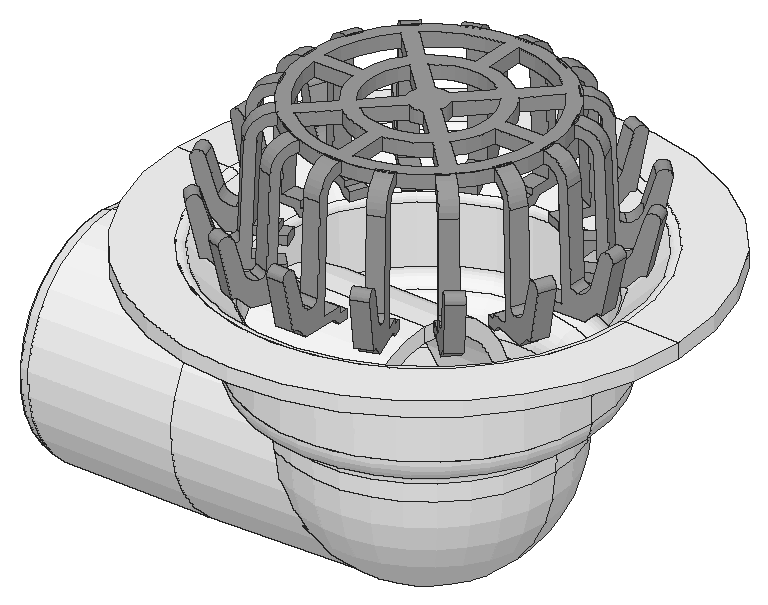
Revit family "3100.183.1  Roof Drain", category Plumbing Fixtures, Revit 2020
Family settings
  Round Connector Dimension = Use Diameter
  Part Type = Normal
  OmniClass Number = 23.45.00.00
  OmniClass Title = Sanitary, Laundry, and Cleaning Equipment
  Work Plane-Based = No
  Always vertical = Yes
  Cut with Voids When Loaded = No
  Shared = No
  Room Calculation Point = No
Parameters (values of type "3100.183.1 80x80 Drain")
  Waste Connection = yes
  Vent Connection = yes
  URL = "www.aquaknight.co.nz"
  Phone = "+6498322214"  # constant formula
  Overflow = no
  Model = "3100.183"
  Manufacturer = "Aquanight Industries Ltd"  # constant formula
  HW Connection = no
  Email = "info@aquaknight.co.nz"  # constant formula
  Description = "Roof Drain Side Exit 80mm Inlet x 80mm Outlet Small Flange"
  Default Elevation = 0 mm
  CW Connection = no
Types (2, lengths in mm): name | Overflow | Model
  3100.183.1 80x80 Drain | no | "3100.183"
  3100.183.1 80x80 Overflow | yes | "3100.183.1"
Reference planes
  plane 1 "Center (Front/Back)": y = 0
  plane 2: z = 0
  plane 3 "Center (Left/Right)": x = 0
  plane 4: through (-112.429, -1524, -64.937) normal (-0.0175, 0, 0.9998)
  plane 5: through (-81.861, -1524, -19.577) normal (0.9998, 0, 0.0175)
Forms (mm)
  Revolve 1, solid, material "Stainless Steel", detail levels coarse+medium
    sketch origin (0, 0, -4) x (1, 0, 0) y (0, 0, 1)
      loop
        line (0, 48.5) -> (-41.025, 48.5)
        arc (-41.025, 48.5) -> (-47.513, 45.879) -> (-50.36, 39.486) r 9.34
        line (-50.36, 39.486) -> (-51.378, 10.316)
        arc (-51.378, 10.316) -> (-51.99, 8.931) -> (-53.389, 8.35) r 2.037
        arc (-53.389, 8.35) -> (-56.4, 9.313) -> (-58.232, 11.888) r 5
        line (-58.232, 11.888) -> (-61.523, 22.651)
        arc (-61.523, 22.651) -> (-64.346, 24.218) -> (-66.013, 21.452) r 2.325
        line (-66.013, 21.452) -> (-62.134, 4.65) -> (-60.369, 4.65) -> (-56.219, 0.5) -> (-44.219, 0.5) -> (-42.219, -1.5) -> (-38.683, -1.5) -> (-38.683, 1.5) -> (-41.683, 1.5) -> (-41.683, 3.5) -> (-48.37, 3.5) -> (-47.107, 39.674)
        arc (-47.107, 39.674) -> (-45.583, 43.097) -> (-42.11, 44.5) r 5
        line (-42.11, 44.5) -> (0, 44.5) -> (0, 48.5)
      axis (0, -1.5) -> (0, 48.5)
    angle from 0 to 360
  Revolve 2, solid, material "Plastic, Glossy White"
    sketch origin (0, 0, -4) x (1, 0, 0) y (0, 0, 1)
      loop
        arc (48.548, -40.353) -> (54.115, -37.433) -> (56.413, -31.582) r 9
        line (56.413, -31.582) -> (56.709, -14.657)
        arc (56.709, -14.657) -> (57.026, -13.164) -> (57.88, -11.898) r 4
        line (57.88, -11.898) -> (67.606, -2.172)
        arc (67.606, -2.172) -> (68.904, -1.304) -> (70.435, -1) r 4
        line (70.435, -1) -> (86.307, -1) -> (86.307, 4) -> (68.364, 4)
        arc (68.364, 4) -> (66.833, 3.696) -> (65.535, 2.828) r 4
        line (65.535, 2.828) -> (53.425, -9.282)
        arc (53.425, -9.282) -> (52.572, -10.547) -> (52.254, -12.04) r 4
        line (52.254, -12.04) -> (51.913, -31.601)
        arc (51.913, -31.601) -> (50.696, -34.783) -> (47.723, -36.447) r 5
        arc (47.723, -36.447) -> (42.371, -39.444) -> (40.181, -45.173) r 9
        line (40.181, -45.173) -> (40.096, -50.043)
        arc (40.096, -50.043) -> (28.197, -78.507) -> (0, -91.025) r 41.742
        line (0, -91.025) -> (0, -95.97)
        arc (0, -95.97) -> (30.999, -82.22) -> (44.081, -50.933) r 45.872
        line (44.081, -50.933) -> (44.181, -45.242)
        arc (44.181, -45.242) -> (45.457, -41.992) -> (48.548, -40.353) r 5
      axis (0, 4) -> (0, -95.97)
    angle from 0 to 360
  Extrusion 3, solid, material "Stainless Steel", detail levels fine
    sketch origin (0, 0, 0) x (1, 0, 0) y (0, 1, 0)
      loop
        line (-18.913, 14.753) -> (-28.382, 23.693)
        arc (-28.382, 23.693) -> (-34.498, 13.213) -> (-36.906, 1.32) r 37.112
        line (-36.906, 1.32) -> (-23.889, 1.694)
        arc (-23.889, 1.694) -> (-22.367, 8.591) -> (-18.913, 14.753) r 24.131
      loop
        arc (-15.641, 18.219) -> (-9.687, 22.021) -> (-2.888, 23.935) r 24.131
        line (-2.888, 23.935) -> (-3.262, 36.952)
        arc (-3.262, 36.952) -> (-14.997, 33.866) -> (-25.109, 27.159) r 37.112
        line (-25.109, 27.159) -> (-15.641, 18.219)
      loop
        arc (-18.036, -15.824) -> (-21.837, -9.87) -> (-23.752, -3.071) r 24.131
        line (-23.752, -3.071) -> (-36.769, -3.445)
        arc (-36.769, -3.445) -> (-33.683, -15.18) -> (-26.976, -25.292) r 37.112
        line (-26.976, -25.292) -> (-18.036, -15.824)
      loop
        line (-14.57, -19.097) -> (-23.51, -28.565)
        arc (-23.51, -28.565) -> (-13.03, -34.681) -> (-1.137, -37.089) r 37.112
        line (-1.137, -37.089) -> (-1.511, -24.072)
        arc (-1.511, -24.072) -> (-8.408, -22.55) -> (-14.57, -19.097) r 24.131
      loop
        arc (18.402, 15.824) -> (22.204, 9.87) -> (24.118, 3.071) r 24.131
        line (24.118, 3.071) -> (37.135, 3.445)
        arc (37.135, 3.445) -> (34.049, 15.18) -> (27.343, 25.292) r 37.112
        line (27.343, 25.292) -> (18.402, 15.824)
      loop
        line (14.936, 19.097) -> (23.876, 28.565)
        arc (23.876, 28.565) -> (13.396, 34.681) -> (1.503, 37.089) r 37.112
        line (1.503, 37.089) -> (1.877, 24.072)
        arc (1.877, 24.072) -> (8.775, 22.55) -> (14.936, 19.097) r 24.131
      loop
        line (19.28, -14.753) -> (28.748, -23.693)
        arc (28.748, -23.693) -> (34.864, -13.213) -> (37.272, -1.32) r 37.112
        line (37.272, -1.32) -> (24.255, -1.694)
        arc (24.255, -1.694) -> (22.733, -8.591) -> (19.28, -14.753) r 24.131
      loop
        arc (16.007, -18.219) -> (10.053, -22.021) -> (3.254, -23.935) r 24.131
        line (3.254, -23.935) -> (3.628, -36.952)
        arc (3.628, -36.952) -> (15.363, -33.866) -> (25.475, -27.159) r 37.112
        line (25.475, -27.159) -> (16.007, -18.219)
      loop
        arc (-15.426, 11.46) -> (-19.173, -0.555) -> (-14.743, -12.336) r 19.364
        line (-14.743, -12.336) -> (-5.615, -2.669)
        arc (-5.615, -2.669) -> (-6.198, -0.183) -> (-5.759, 2.332) r 6.384
        line (-5.759, 2.332) -> (-15.426, 11.46)
      loop
        arc (-2.486, 5.799) -> (0, 6.381) -> (2.516, 5.942) r 6.384
        line (2.516, 5.942) -> (11.643, 15.609)
        arc (11.643, 15.609) -> (-0.372, 19.357) -> (-12.153, 14.926) r 19.364
        line (-12.153, 14.926) -> (-2.486, 5.799)
      loop
        arc (15.792, -11.46) -> (19.54, 0.555) -> (15.109, 12.336) r 19.364
        line (15.109, 12.336) -> (5.982, 2.669)
        arc (5.982, 2.669) -> (6.564, 0.183) -> (6.125, -2.332) r 6.384
        line (6.125, -2.332) -> (15.792, -11.46)
      loop
        arc (-11.277, -15.609) -> (0.739, -19.357) -> (12.52, -14.926) r 19.364
        line (12.52, -14.926) -> (2.852, -5.799)
        arc (2.852, -5.799) -> (0.366, -6.381) -> (-2.149, -5.942) r 6.384
        line (-2.149, -5.942) -> (-11.277, -15.609)
      loop
        circle (0.183, 0) r 41.683
    from 40.5 to 45
  Revolve 4, solid, material "Plastic, Glossy White"
    sketch origin (0, 0, 0) x (1, 0, 0) y (0, 0, 1)
      loop
        line (0, -95.025) -> (-110.363, -98.879)
        arc (-110.363, -98.879) -> (-111.399, -99.346) -> (-111.81, -100.405) r 1.5
        arc (-111.81, -100.405) -> (-111.453, -100.914) -> (-110.919, -101.235) r 1.5
        line (-110.919, -101.235) -> (-107.546, -102.396) -> (-57.777, -101.988) -> (0, -99.971) -> (0, -95.025)
      axis (-112.429, -64.937) -> (-0.559, -62.984)
    angle from 0 to 360
  Revolve 5, solid, material "Plastic, Glossy White", visible <- "Overflow"
    sketch origin (0, 0, 0) x (1, 0, 0) y (0, 0, 1)
      loop
        line (-41.058, 40.5) -> (-41.433, -2.5) -> (-38.858, -2.5) -> (-38.483, 40.5) -> (-41.058, 40.5)
      axis (0, 40.5) -> (0, -2.5)
    angle from 0 to 360
Lines and regions (mm)
  Masking region 1
    outline origin (0, 0, 4) x (0, 1, 0) y (-1, 0, 0)
      loop
        circle (0, 0) r 86.307
  model lines, detail levels medium+fine
    curve 1: circle (-56.444, -56.602, 0) r 3.967 normal (0, 0, 1)
    curve 2: circle (56.444, -56.602, 0) r 3.967 normal (0, 0, -1)
    curve 3: circle (-56.444, 56.602, 0) r 3.967 normal (0, 0, -1)
    curve 4: circle (56.444, 56.602, 0) r 3.967 normal (0, 0, 1)
  symbolic lines, detail levels medium+fine
    curve 5: circle (0, 0, 4) r 66.072 normal (0, 0, 1)
  symbolic lines, detail levels fine
    curve 6: circle (-56.444, 56.602, 4) r 3.967 normal (0, 0, -1)
    curve 7: circle (-56.444, -56.602, 4) r 3.967 normal (0, 0, 1)
    curve 8: circle (56.444, -56.602, 4) r 3.967 normal (0, 0, -1)
    curve 9: circle (56.444, 56.602, 4) r 3.967 normal (0, 0, 1)
Dimensions and locks
  locked: connector elem to plane 4
  aligned and locked: level to plane 2
  aligned and locked: Revolve 1 sketch curve to plane 3 "Center (Left/Right)"
  aligned and locked: plane 3 "Center (Left/Right)" to nested 1
Automatic sketch dimensions
  Revolve 2 sketch curve to Revolve 2 sketch curve = 0 mm  (x3)
  Revolve 2 sketch curve to plane 3 "Center (Left/Right)" = 0 mm  (x2)
  Revolve 2 sketch curve to level = 0 mm
  Revolve 2 sketch curve to plane 3 "Center (Left/Right)" = 1.64 mm
  Revolve 2 sketch curve to Revolve 2 sketch curve = 0.144 mm
  plane 3 "Center (Left/Right)" to Revolve 2 sketch curve = 40.096 mm
  Revolve 2 sketch curve to Revolve 2 sketch curve = 0.085 mm
  Revolve 2 sketch curve to Revolve 2 sketch curve = 3.985 mm
  Revolve 2 sketch curve to Revolve 2 sketch curve = 3.999 mm  (x3)
  Revolve 2 sketch curve to Revolve 2 sketch curve = 2.733 mm
  Revolve 2 sketch curve to Revolve 2 sketch curve = 0.501 mm
  Revolve 2 sketch curve to Revolve 2 sketch curve = 4.999 mm
  Revolve 2 sketch curve to Revolve 2 sketch curve = 4.498 mm
  Revolve 2 sketch curve to level = 16.04 mm
  Revolve 2 sketch curve to Revolve 2 sketch curve = 0.341 mm
  Revolve 2 sketch curve to level = 13.282 mm
  Revolve 2 sketch curve to Revolve 2 sketch curve = 1.171 mm
  Revolve 2 sketch curve to Revolve 2 sketch curve = 4.5 mm
  Revolve 2 sketch curve to level = 18.657 mm
  Revolve 2 sketch curve to Revolve 2 sketch curve = 0.455 mm
  Revolve 2 sketch curve to level = 15.898 mm
  Revolve 2 sketch curve to Revolve 2 sketch curve = 1.626 mm
  Revolve 2 sketch curve to level = 1.172 mm
  Revolve 2 sketch curve to Revolve 2 sketch curve = 7.656 mm
  Revolve 2 sketch curve to level = 6.172 mm
  Revolve 2 sketch curve to Revolve 2 sketch curve = 2.071 mm
  Revolve 2 sketch curve to Revolve 2 sketch curve = 2.828 mm  (x3)
  Revolve 2 sketch curve to Revolve 2 sketch curve = 15.872 mm
  Revolve 2 sketch curve to Revolve 2 sketch curve = 16.768 mm
  Revolve 2 sketch curve to Revolve 2 sketch curve = 0.088 mm
  Revolve 2 sketch curve to Revolve 2 sketch curve = 0.157 mm
  Revolve 2 sketch curve to Revolve 2 sketch curve = 0.019 mm
  Revolve 2 sketch curve to Revolve 2 sketch curve = 13.659 mm
  Revolve 2 sketch curve to Revolve 2 sketch curve = 0.07 mm
  Revolve 2 sketch curve to Revolve 2 sketch curve = 0.087 mm
  Revolve 2 sketch curve to Revolve 2 sketch curve = 4.142 mm
  Revolve 2 sketch curve to Revolve 2 sketch curve = 4.871 mm
  Revolve 2 sketch curve to Revolve 2 sketch curve = 0.818 mm
  Revolve 2 sketch curve to Revolve 2 sketch curve = 0.89 mm
  Revolve 2 sketch curve to Revolve 2 sketch curve = 0.809 mm
  Revolve 2 sketch curve to Revolve 2 sketch curve = 0.825 mm
  Revolve 2 sketch curve to Revolve 2 sketch curve = 0.002 mm
  Revolve 2 sketch curve to Revolve 2 sketch curve = 356.96 mm
  level to Revolve 2 sketch curve = 2441.244 mm
  plane 4 to Revolve 4 sketch curve = 0 mm  (x2)
  Revolve 4 sketch curve to plane 3 "Center (Left/Right)" = 0 mm
  Revolve 4 sketch curve to plane 3 "Center (Left/Right)" = 57.777 mm
  Revolve 4 sketch curve to Revolve 4 sketch curve = 49.769 mm
  Revolve 4 sketch curve to Revolve 4 sketch curve = 2.764 mm
  Revolve 4 sketch curve to Revolve 4 sketch curve = 0.052 mm
  Revolve 4 sketch curve to Revolve 4 sketch curve = 0.12 mm
  Revolve 4 sketch curve to Revolve 4 sketch curve = 0.608 mm
  Revolve 4 sketch curve to level = 102.396 mm
  Revolve 4 sketch curve to Revolve 4 sketch curve = 0.408 mm
  Revolve 4 sketch curve to Revolve 4 sketch curve = 1.161 mm
  Revolve 4 sketch curve to Revolve 4 sketch curve = 0.856 mm
  Revolve 4 sketch curve to Revolve 4 sketch curve = 2.018 mm
  Revolve 4 sketch curve to Revolve 4 sketch curve = 0.562 mm
  Revolve 4 sketch curve to Revolve 4 sketch curve = 0.937 mm
  Revolve 4 sketch curve to Revolve 4 sketch curve = 4.945 mm
  Revolve 4 sketch curve to Revolve 4 sketch curve = 14.131 mm
  Revolve 4 sketch curve to level = 64.937 mm
  Revolve 1 sketch curve to plane 3 "Center (Left/Right)" = 0 mm
  Revolve 1 sketch curve to level = 5.5 mm
  Revolve 1 sketch curve to plane 3 "Center (Left/Right)" = 38.683 mm
  Revolve 1 sketch curve to plane 3 "Center (Left/Right)" = 41.025 mm
  Revolve 1 sketch curve to level = 0.5 mm
  Revolve 1 sketch curve to Revolve 1 sketch curve = 3 mm
  Revolve 1 sketch curve to Revolve 1 sketch curve = 1.085 mm
  Revolve 1 sketch curve to Revolve 1 sketch curve = 0.536 mm
  Revolve 1 sketch curve to Revolve 1 sketch curve = 4.997 mm
  Revolve 1 sketch curve to Revolve 1 sketch curve = 6.687 mm
  Revolve 1 sketch curve to Revolve 1 sketch curve = 3.253 mm
  level to Revolve 1 sketch curve = 6.316 mm
  Revolve 1 sketch curve to Revolve 1 sketch curve = 3.008 mm
  Revolve 1 sketch curve to Revolve 1 sketch curve = 2.036 mm
  Revolve 1 sketch curve to Revolve 1 sketch curve = 0.036 mm
  Revolve 1 sketch curve to Revolve 1 sketch curve = 7.848 mm
  level to Revolve 1 sketch curve = 7.888 mm
  Revolve 1 sketch curve to Revolve 1 sketch curve = 4.782 mm
  Revolve 1 sketch curve to Revolve 1 sketch curve = 1.765 mm
  Revolve 1 sketch curve to Revolve 1 sketch curve = 5.514 mm
  level to Revolve 1 sketch curve = 17.452 mm
  Revolve 1 sketch curve to Revolve 1 sketch curve = 2.267 mm
  Revolve 1 sketch curve to Revolve 1 sketch curve = 2 mm
  Revolve 1 sketch curve to Revolve 1 sketch curve = 0.071 mm
  Revolve 1 sketch curve to Revolve 1 sketch curve = 2.963 mm
  Revolve 1 sketch curve to Revolve 1 sketch curve = 0.52 mm
  Revolve 1 sketch curve to Revolve 1 sketch curve = 0.34 mm
  Revolve 1 sketch curve to Revolve 1 sketch curve = 2.536 mm
  Revolve 1 sketch curve to level = 3.5 mm
  level to Revolve 1 sketch curve = 18.651 mm
  Revolve 1 sketch curve to Revolve 1 sketch curve = 2.224 mm
  Revolve 1 sketch curve to Revolve 1 sketch curve = 0 mm
  Revolve 1 sketch curve to Revolve 1 sketch curve = 20.5 mm
  Revolve 1 sketch curve to Revolve 1 sketch curve = 25 mm
  level to Revolve 1 sketch curve = 0.65 mm
  Revolve 1 sketch curve to Revolve 1 sketch curve = 5.915 mm
  Extrusion 3 sketch curve to Extrusion 3 sketch curve = 0 mm  (x600)
  plane 1 "Center (Front/Back)" to Extrusion 3 sketch curve = 0 mm
  Extrusion 3 sketch curve to plane 1 "Center (Front/Back)" = 1.32 mm
  Extrusion 3 sketch curve to plane 3 "Center (Left/Right)" = 36.906 mm
  plane 1 "Center (Front/Back)" to Extrusion 3 sketch curve = 3.445 mm
  Extrusion 3 sketch curve to Extrusion 3 sketch curve = 0.137 mm  (x5)
  Extrusion 3 sketch curve to plane 1 "Center (Front/Back)" = 23.693 mm
  Extrusion 3 sketch curve to Extrusion 3 sketch curve = 8.524 mm
  plane 1 "Center (Front/Back)" to Extrusion 3 sketch curve = 25.292 mm
  Extrusion 3 sketch curve to Extrusion 3 sketch curve = 3.273 mm  (x11)
  Extrusion 3 sketch curve to plane 1 "Center (Front/Back)" = 1.694 mm
  Extrusion 3 sketch curve to Extrusion 3 sketch curve = 13.017 mm  (x3)
  plane 1 "Center (Front/Back)" to Extrusion 3 sketch curve = 3.071 mm
  Extrusion 3 sketch curve to Extrusion 3 sketch curve = 3.466 mm  (x13)
  Extrusion 3 sketch curve to plane 1 "Center (Front/Back)" = 14.753 mm
  plane 1 "Center (Front/Back)" to Extrusion 3 sketch curve = 15.824 mm
  Extrusion 3 sketch curve to Extrusion 3 sketch curve = 3.487 mm  (x3)
  Extrusion 3 sketch curve to Extrusion 3 sketch curve = 3.293 mm  (x2)
  Extrusion 3 sketch curve to plane 1 "Center (Front/Back)" = 2.332 mm
  Extrusion 3 sketch curve to plane 3 "Center (Left/Right)" = 5.759 mm
  plane 1 "Center (Front/Back)" to Extrusion 3 sketch curve = 2.669 mm
  Extrusion 3 sketch curve to plane 3 "Center (Left/Right)" = 3.262 mm
  Extrusion 3 sketch curve to plane 3 "Center (Left/Right)" = 2.888 mm
  Extrusion 3 sketch curve to plane 3 "Center (Left/Right)" = 2.486 mm
  Extrusion 3 sketch curve to plane 3 "Center (Left/Right)" = 2.149 mm
  Extrusion 3 sketch curve to plane 3 "Center (Left/Right)" = 1.511 mm
  Extrusion 3 sketch curve to plane 3 "Center (Left/Right)" = 1.137 mm
  plane 3 "Center (Left/Right)" to Extrusion 3 sketch curve = 1.503 mm
  plane 3 "Center (Left/Right)" to Extrusion 3 sketch curve = 1.877 mm
  plane 3 "Center (Left/Right)" to Extrusion 3 sketch curve = 2.516 mm
  plane 3 "Center (Left/Right)" to Extrusion 3 sketch curve = 2.852 mm
  plane 3 "Center (Left/Right)" to Extrusion 3 sketch curve = 3.254 mm
  plane 3 "Center (Left/Right)" to Extrusion 3 sketch curve = 3.628 mm
  Extrusion 3 sketch curve to plane 1 "Center (Front/Back)" = 2.669 mm
  plane 1 "Center (Front/Back)" to Extrusion 3 sketch curve = 2.332 mm
  plane 3 "Center (Left/Right)" to Extrusion 3 sketch curve = 11.643 mm
  plane 3 "Center (Left/Right)" to Extrusion 3 sketch curve = 12.52 mm
  Extrusion 3 sketch curve to Extrusion 3 sketch curve = 8.94 mm
  Extrusion 3 sketch curve to plane 1 "Center (Front/Back)" = 3.071 mm
  Extrusion 3 sketch curve to Extrusion 3 sketch curve = 9.009 mm
  plane 1 "Center (Front/Back)" to Extrusion 3 sketch curve = 1.694 mm
  Extrusion 3 sketch curve to Extrusion 3 sketch curve = 9.469 mm
  Extrusion 3 sketch curve to plane 1 "Center (Front/Back)" = 3.445 mm
  plane 1 "Center (Front/Back)" to Extrusion 3 sketch curve = 1.32 mm
  Revolve 5 sketch curve to plane 3 "Center (Left/Right)" = 0 mm
  Revolve 5 sketch curve to plane 3 "Center (Left/Right)" = 38.483 mm
  Revolve 5 sketch curve to level = 2.5 mm
  Revolve 5 sketch curve to plane 3 "Center (Left/Right)" = 38.858 mm
  Revolve 5 sketch curve to Revolve 5 sketch curve = 2.575 mm  (x2)
  level to Revolve 5 sketch curve = 40.5 mm
  level to Revolve 5 sketch curve = 30.291 mm
  Revolve 5 sketch curve to Revolve 5 sketch curve = 27.263 mm
  plane 1 "Center (Front/Back)" to curve 2 = 56.602 mm
  plane 1 "Center (Front/Back)" to curve 1 = 56.602 mm
  curve 4 to plane 1 "Center (Front/Back)" = 56.602 mm
  curve 3 to plane 1 "Center (Front/Back)" = 56.602 mm
  plane 3 "Center (Left/Right)" to curve 2 = 56.444 mm
  plane 3 "Center (Left/Right)" to curve 4 = 56.444 mm
  curve 3 to plane 3 "Center (Left/Right)" = 56.444 mm
  curve 1 to plane 3 "Center (Left/Right)" = 56.444 mm
  plane 1 "Center (Front/Back)" to Masking region 1 sketch curve = 0 mm
  Masking region 1 sketch curve to plane 3 "Center (Left/Right)" = 0 mm
  plane 1 "Center (Front/Back)" to curve 5 = 0 mm
  curve 5 to plane 3 "Center (Left/Right)" = 0 mm
  radius of Extrusion 3 sketch curve = 41.683 mm
  radius of curve 1 = 3.967 mm
  radius of curve 2 = 3.967 mm
  radius of curve 3 = 3.967 mm
  radius of curve 4 = 3.967 mm
  radius of Masking region 1 sketch curve = 86.307 mm
  radius of curve 5 = 66.072 mm
Nested families
  nested 1: "hook" at (0, 0, 0), type "230", detail levels fine
  nested 2: "hook" at (0, 0, 0) x (0.9239, -0.3827, 0) z (0, 0, 1), type "230", detail levels fine
  nested 3: "hook" at (0, 0, 0) x (0.9239, 0.3827, 0) z (0, 0, 1), type "230", detail levels fine
  nested 4: "hook" at (0, 0, 0) x (0.7071, 0.7071, 0) z (0, 0, 1), type "230", detail levels fine
  nested 5: "hook" at (0, 0, 0) x (0.3827, 0.9239, 0) z (0, 0, 1), type "230", detail levels fine
  nested 6: "hook" at (0, 0, 0) x (0, 1, 0) z (0, 0, 1), type "230", detail levels fine
  nested 7: "hook" at (0, 0, 0) x (-0.3827, 0.9239, 0) z (0, 0, 1), type "230", detail levels fine
  nested 8: "hook" at (0, 0, 0) x (-0.7071, 0.7071, 0) z (0, 0, 1), type "230", detail levels fine
  nested 9: "hook" at (0, 0, 0) x (-0.9239, 0.3827, 0) z (0, 0, 1), type "230", detail levels fine
  nested 10: "hook" at (0, 0, 0) x (-1, 0, 0) z (0, 0, 1), type "230", detail levels fine
  nested 11: "hook" at (0, 0, 0) x (-0.9239, -0.3827, 0) z (0, 0, 1), type "230", detail levels fine
  nested 12: "hook" at (0, 0, 0) x (-0.7071, -0.7071, 0) z (0, 0, 1), type "230", detail levels fine
  nested 13: "hook" at (0, 0, 0) x (-0.3827, -0.9239, 0) z (0, 0, 1), type "230", detail levels fine
  nested 14: "hook" at (0, 0, 0) x (0, -1, 0) z (0, 0, 1), type "230", detail levels fine
  nested 15: "hook" at (0, 0, 0) x (0.3827, -0.9239, 0) z (0, 0, 1), type "230", detail levels fine
  nested 16: "hook" at (0, 0, 0) x (0.7071, -0.7071, 0) z (0, 0, 1), type "230", detail levels fine
Connectors
  piping at (-81.079, 0, -64.389), diameter 80
    settings: on plane 5, index 1, connector inside diameter 609.6 mm, connector length 0 mm, flow factor 0, pipe flow 0.0 L/s, pressure drop 0.0 Pa, fitting loss kfactor 0, connector angle 0.00°, fixture units 0, engagement length 0 mm, angle of deflection 0.00°, flow configuration 0, flow direction 0, fitting loss method 0, system type 28, joint type 0, gender type 0, connector reference index -1, connector utility 0, adjustable connector no, is connector primary yes, connector description ""
Definition of nested family "hook"
  Parameters (values of type "230")
    Waste Connection = yes
    Vent Connection = yes
    URL = ""
    Model = ""
    Manufacturer = ""
    HW Connection = no
    Description = ""
    Default Elevation = 0 mm
    CW Connection = no
  Reference planes
    plane 1 "Center (Front/Back)": y = 0
    plane 2: z = 0
    plane 3 "Center (Left/Right)": x = 0
  Forms (mm)
    Extrusion 1, solid, detail levels fine
      sketch origin (0, 0, 0) x (1, 0, 0) y (0, 0, 1)
        loop
          arc (-61.523, 19.151) -> (-64.346, 20.718) -> (-66.013, 17.952) r 2.325
          line (-66.013, 17.952) -> (-62.134, 1.15) -> (-60.369, 1.15) -> (-56.219, -3) -> (-44.219, -3) -> (-42.219, -5) -> (-38.683, -5) -> (-38.683, -2) -> (-41.683, -2) -> (-41.683, 0) -> (-48.37, 0) -> (-47.107, 36.174)
          arc (-47.107, 36.174) -> (-45.583, 39.597) -> (-42.11, 41) r 5
          line (-42.11, 41) -> (-41.025, 41) -> (-41.025, 45)
          arc (-41.025, 45) -> (-47.513, 42.379) -> (-50.36, 35.986) r 9.34
          line (-50.36, 35.986) -> (-51.378, 6.816)
          arc (-51.378, 6.816) -> (-51.99, 5.431) -> (-53.389, 4.85) r 2.037
          arc (-53.389, 4.85) -> (-56.4, 5.813) -> (-58.232, 8.388) r 5
          line (-58.232, 8.388) -> (-61.523, 19.151)
      from -2.8 to 2.8
  Dimensions and locks
    aligned and locked: level to plane 2
